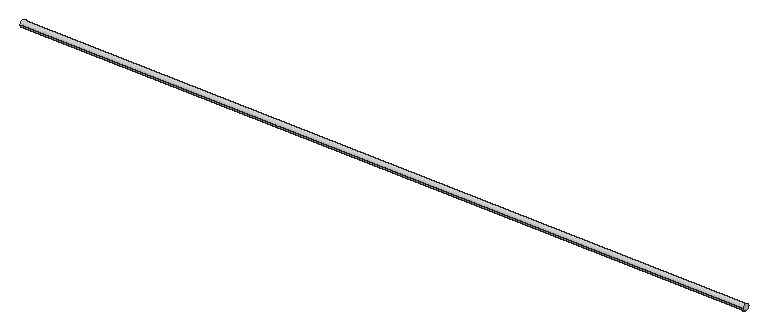
Revit family "TUBE 48-6_0200600", category Generic Models, Revit 2018
Family settings
  Can host rebar = No
  Round Connector Dimension = Use Diameter
  Part Type = Normal
  OmniClass Number = 35.51.17.00
  OmniClass Title = SCAFFOLDING SHORING AND FENCING
  Work Plane-Based = Yes
  Always vertical = No
  Cut with Voids When Loaded = No
  Shared = Yes
  Room Calculation Point = No
Parameters
  VERSION = "20190101"  # constant formula
  URL = "www.ulmaconstruction.com/en"
  UNICLASS = ""
  Model = ""
  ITEM_CODE = "0200600"
  Manufacturer = "ULMA CONSTRUCTION"  # constant formula
  FILTER [instance] = ""
  Default Elevation = 0 mm
  CLASSIFICATION_TITLE = ""
  CLASSIFICATION_NUMBER = ""
Reference planes
  plane 1 "Centro (Frontal/Posterior)": y = 0
  plane 2: z = 0
  plane 3 "Centro (Izquierda/Derecha)": x = 0
  plane 4 "ITEM_LENGTH": x = 6000
Forms (mm)
  Extrusion 1, solid, material "ULMA ZINC", detail levels fine
    sketch origin (0, 0, 0) x (0, 1, 0) y (0, 0, 1)
      loop
        circle (0, 0) r 24.15
    from 0 to 6000
Lines and regions (mm)
  model lines, style "ULMA FIXING ITEMS", detail levels fine
    curve 1: circle (0, 0, 0) r 21 normal (1, 0, 0)
    curve 3: circle (6000, 0, 0) r 21 normal (1, 0, 0)
  model lines, style "ULMA FIXING ITEMS", detail levels coarse+medium
    curve 2: line (0, 0, 0) -> (6000, 0, 0)
Dimensions and locks
  plane 3 "Centro (Izquierda/Derecha)" to plane 4 "ITEM_LENGTH" = 6000 mm
  aligned and locked: level to plane 2
  aligned and locked: Extrusion 1 to plane 3 "Centro (Izquierda/Derecha)"
  aligned and locked: plane 4 "ITEM_LENGTH" to Extrusion 1
  aligned and locked: plane 4 "ITEM_LENGTH" to curve 2
